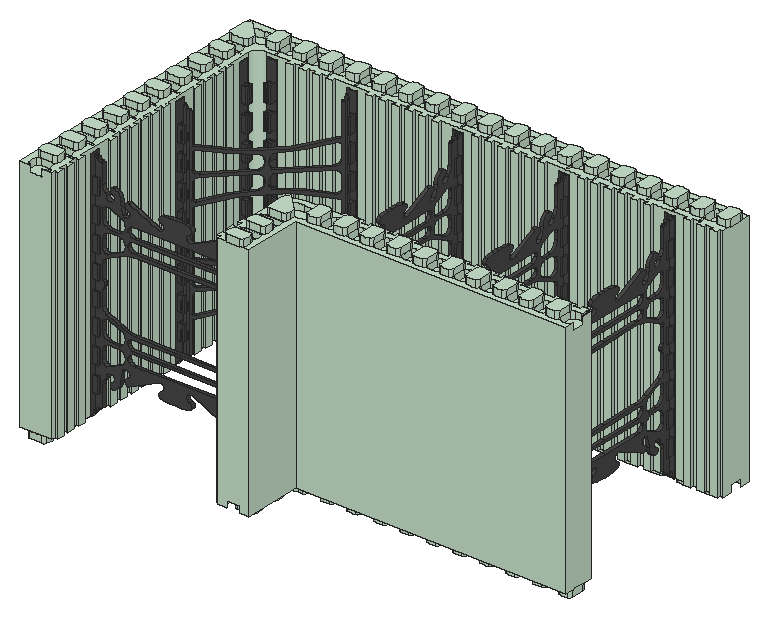
Revit family (continued)
Definition of nested family "12-inch Insert Web"
  Forms (in)
    Extrusion 2, solid, material "High Density Polystyrene"
      sketch origin (0, 0, 0) x (0, 1, 0) y (0, 0, 1)
        loop
          arc (-6.19457, 17.61045) -> (-6.20585, 17.62147) -> (-6.21, 17.63668) r 0.03
          line (-6.21, 17.63668) -> (-6.21, 17.38789)
          arc (-6.21, 17.38789) -> (-6.20374, 17.40241) -> (-6.18889, 17.40785) r 0.02
          line (-6.18889, 17.40785) -> (-6.13111, 17.40464)
          arc (-6.13111, 17.40464) -> (-6.11625, 17.41008) -> (-6.11, 17.42461) r 0.02
          line (-6.11, 17.42461) -> (-6.11, 17.54582)
          arc (-6.11, 17.54582) -> (-6.11414, 17.56103) -> (-6.12543, 17.57204) r 0.03
        loop
          line (6.18889, 0.33798) -> (6.13111, 0.34119)
          arc (6.13111, 0.34119) -> (6.11625, 0.33575) -> (6.11, 0.32122) r 0.02
          line (6.11, 0.32122) -> (6.11, 0.20001)
          arc (6.11, 0.20001) -> (6.11414, 0.1848) -> (6.12543, 0.17379) r 0.03
          line (6.12543, 0.17379) -> (6.19457, 0.13538)
          arc (6.19457, 0.13538) -> (6.20585, 0.12437) -> (6.21, 0.10915) r 0.03
          line (6.21, 0.10915) -> (6.21, 0.35795)
          arc (6.21, 0.35795) -> (6.20374, 0.34342) -> (6.18889, 0.33798) r 0.02
        loop
          arc (-6.12543, 0.17379) -> (-6.11414, 0.1848) -> (-6.11, 0.20001) r 0.03
          line (-6.11, 0.20001) -> (-6.11, 0.32122)
          arc (-6.11, 0.32122) -> (-6.11625, 0.33575) -> (-6.13111, 0.34119) r 0.02
          line (-6.13111, 0.34119) -> (-6.18889, 0.33798)
          arc (-6.18889, 0.33798) -> (-6.20374, 0.34342) -> (-6.21, 0.35795) r 0.02
          line (-6.21, 0.35795) -> (-6.21, 0.10915)
          arc (-6.21, 0.10915) -> (-6.20585, 0.12437) -> (-6.19457, 0.13538) r 0.03
          line (-6.19457, 0.13538) -> (-6.12543, 0.17379)
        loop
          line (6, 17.20772) -> (5.925, 17.43772)
          arc (5.925, 17.43772) -> (5.875, 17.46772) -> (5.825, 17.43772) r 0.05667
          line (5.825, 17.43772) -> (5.77609, 17.28772) -> (5.64893, 17.28772)
          arc (5.64893, 17.28772) -> (5.61433, 17.27339) -> (5.6, 17.2388) r 0.04893
          line (5.6, 17.2388) -> (5.6, 17.20772) -> (5.5, 17.20772) -> (5.5, 15.75595)
          arc (5.5, 15.75595) -> (5.43087, 15.489) -> (5.24086, 15.28915) r 0.55
          arc (5.24086, 15.28915) -> (5.19232, 15.23289) -> (5.1843, 15.15901) r 0.125
          arc (5.1843, 15.15901) -> (4.73923, 14.83241) -> (4.77171, 15.3835) r 0.305
          arc (4.77171, 15.3835) -> (4.89426, 15.66948) -> (4.60829, 15.79202) r 0.22
          arc (4.60829, 15.79202) -> (4.25428, 15.49683) -> (4.14171, 15.04986) r 0.745
          arc (4.14171, 15.04986) -> (4.09808, 14.63491) -> (3.96932, 14.23805) r 2
          arc (3.96932, 14.23805) -> (3.47025, 14.23431) -> (3.63581, 14.70513) r 0.305
          arc (3.63581, 14.70513) -> (3.78874, 15.03658) -> (3.43743, 15.1357) r 0.24
          line (3.43743, 15.1357) -> (1.31021, 14.13634)
          arc (1.31021, 14.13634) -> (0.87667, 14.28198) -> (1.07505, 14.69406) r 0.305
          arc (1.07505, 14.69406) -> (1.24991, 14.91838) -> (1.08783, 15.15211) r 0.24
          arc (1.08783, 15.15211) -> (0.76801, 15.23299) -> (0.43924, 15.2602) r 2
          line (0.43924, 15.2602) -> (0, 15.2602) -> (-0.43924, 15.2602)
          arc (-0.43924, 15.2602) -> (-0.76801, 15.23299) -> (-1.08783, 15.15211) r 2
          arc (-1.08783, 15.15211) -> (-1.24991, 14.91838) -> (-1.07505, 14.69406) r 0.24
          arc (-1.07505, 14.69406) -> (-0.87667, 14.28198) -> (-1.31021, 14.13634) r 0.305
          line (-1.31021, 14.13634) -> (-3.43743, 15.1357)
          arc (-3.43743, 15.1357) -> (-3.78874, 15.03658) -> (-3.63581, 14.70513) r 0.24
          arc (-3.63581, 14.70513) -> (-3.47025, 14.23431) -> (-3.96932, 14.23805) r 0.305
          arc (-3.96932, 14.23805) -> (-4.09808, 14.63491) -> (-4.14171, 15.04986) r 2
          arc (-4.14171, 15.04986) -> (-4.25428, 15.49683) -> (-4.60829, 15.79202) r 0.745
          arc (-4.60829, 15.79202) -> (-4.89426, 15.66948) -> (-4.77171, 15.3835) r 0.22
          arc (-4.77171, 15.3835) -> (-4.73923, 14.83241) -> (-5.1843, 15.15901) r 0.305
          arc (-5.1843, 15.15901) -> (-5.19232, 15.23289) -> (-5.24086, 15.28915) r 0.125
          arc (-5.24086, 15.28915) -> (-5.43087, 15.489) -> (-5.5, 15.75595) r 0.55
          line (-5.5, 15.75595) -> (-5.5, 17.20772) -> (-5.6, 17.20772) -> (-5.6, 17.2388)
          arc (-5.6, 17.2388) -> (-5.61433, 17.27339) -> (-5.64893, 17.28772) r 0.04893
          line (-5.64893, 17.28772) -> (-5.77609, 17.28772) -> (-5.825, 17.43772)
          arc (-5.825, 17.43772) -> (-5.875, 17.46772) -> (-5.925, 17.43772) r 0.05667
          line (-5.925, 17.43772) -> (-6, 17.20772) -> (-6, 0.66519) -> (-5.925, 0.43519)
          arc (-5.925, 0.43519) -> (-5.875, 0.40519) -> (-5.825, 0.43519) r 0.05667
          line (-5.825, 0.43519) -> (-5.77609, 0.58519) -> (-5.64893, 0.58519)
          arc (-5.64893, 0.58519) -> (-5.61433, 0.59952) -> (-5.6, 0.63412) r 0.04893
          line (-5.6, 0.63412) -> (-5.6, 0.66519) -> (-5.5, 0.66519) -> (-5.5, 2.24405)
          arc (-5.5, 2.24405) -> (-5.43087, 2.511) -> (-5.24086, 2.71085) r 0.55
          arc (-5.24086, 2.71085) -> (-5.19232, 2.76711) -> (-5.1843, 2.84099) r 0.125
          arc (-5.1843, 2.84099) -> (-4.73923, 3.16759) -> (-4.77171, 2.6165) r 0.305
          arc (-4.77171, 2.6165) -> (-4.89426, 2.33052) -> (-4.60829, 2.20798) r 0.22
          arc (-4.60829, 2.20798) -> (-4.25428, 2.50317) -> (-4.14171, 2.95014) r 0.745
          arc (-4.14171, 2.95014) -> (-4.09808, 3.36509) -> (-3.96932, 3.76195) r 2
          arc (-3.96932, 3.76195) -> (-3.47025, 3.76569) -> (-3.63581, 3.29487) r 0.305
          arc (-3.63581, 3.29487) -> (-3.78874, 2.96342) -> (-3.43743, 2.8643) r 0.24
          line (-3.43743, 2.8643) -> (-1.31021, 3.86366)
          arc (-1.31021, 3.86366) -> (-0.87667, 3.71802) -> (-1.07505, 3.30594) r 0.305
          arc (-1.07505, 3.30594) -> (-1.24991, 3.08162) -> (-1.08783, 2.84789) r 0.24
          arc (-1.08783, 2.84789) -> (-0.76801, 2.76701) -> (-0.43924, 2.7398) r 2
          line (-0.43924, 2.7398) -> (0, 2.7398) -> (0.43924, 2.7398)
          arc (0.43924, 2.7398) -> (0.76801, 2.76701) -> (1.08783, 2.84789) r 2
          arc (1.08783, 2.84789) -> (1.24991, 3.08162) -> (1.07505, 3.30594) r 0.24
          arc (1.07505, 3.30594) -> (0.87667, 3.71802) -> (1.31021, 3.86366) r 0.305
          line (1.31021, 3.86366) -> (3.43743, 2.8643)
          arc (3.43743, 2.8643) -> (3.78874, 2.96342) -> (3.63581, 3.29487) r 0.24
          arc (3.63581, 3.29487) -> (3.47025, 3.76569) -> (3.96932, 3.76195) r 0.305
          arc (3.96932, 3.76195) -> (4.09808, 3.36509) -> (4.14171, 2.95014) r 2
          arc (4.14171, 2.95014) -> (4.25428, 2.50317) -> (4.60829, 2.20798) r 0.745
          arc (4.60829, 2.20798) -> (4.89426, 2.33052) -> (4.77171, 2.6165) r 0.22
          arc (4.77171, 2.6165) -> (4.73923, 3.16759) -> (5.1843, 2.84099) r 0.305
          arc (5.1843, 2.84099) -> (5.19232, 2.76711) -> (5.24086, 2.71085) r 0.125
          arc (5.24086, 2.71085) -> (5.43087, 2.511) -> (5.5, 2.24405) r 0.55
          line (5.5, 2.24405) -> (5.5, 0.66519) -> (5.6, 0.66519) -> (5.6, 0.63412)
          arc (5.6, 0.63412) -> (5.61433, 0.59952) -> (5.64893, 0.58519) r 0.04893
          line (5.64893, 0.58519) -> (5.77609, 0.58519) -> (5.825, 0.43519)
          arc (5.825, 0.43519) -> (5.875, 0.40519) -> (5.925, 0.43519) r 0.05667
          line (5.925, 0.43519) -> (6, 0.66519) -> (6, 17.20772)
        loop
          arc (3.02319, 4.29202) -> (3.16251, 4.2877) -> (3.3013, 4.27477) r 2.25
          arc (3.3013, 4.27477) -> (3.48148, 4.41353) -> (3.6, 4.60763) r 0.62421
          line (3.6, 4.60763) -> (3.6, 4.73363)
          arc (3.6, 4.73363) -> (3.4551, 4.96314) -> (3.22579, 5.10835) r 0.61747
          line (3.22579, 5.10835) -> (0, 5.10835) -> (-3.22579, 5.10835)
          arc (-3.22579, 5.10835) -> (-3.4551, 4.96314) -> (-3.6, 4.73363) r 0.61747
          line (-3.6, 4.73363) -> (-3.6, 4.60763)
          arc (-3.6, 4.60763) -> (-3.48148, 4.41353) -> (-3.3013, 4.27477) r 0.62421
          arc (-3.3013, 4.27477) -> (-3.16251, 4.2877) -> (-3.02319, 4.29202) r 2.25
          line (-3.02319, 4.29202) -> (0, 4.29202) -> (3.02319, 4.29202)
        loop
          line (4.08806, 4.02826) -> (4.96605, 3.61736)
          arc (4.96605, 3.61736) -> (5.32627, 3.64059) -> (5.5, 3.95701) r 0.375
          line (5.5, 3.95701) -> (5.5, 4.48373)
          arc (5.5, 4.48373) -> (5.31694, 4.92567) -> (4.875, 5.10873) r 0.625
          line (4.875, 5.10873) -> (4.3, 5.10873)
          arc (4.3, 5.10873) -> (3.94645, 4.96229) -> (3.8, 4.60873) r 0.5
          line (3.8, 4.60873) -> (3.8, 4.48112)
          arc (3.8, 4.48112) -> (3.87812, 4.21276) -> (4.08806, 4.02826) r 0.5
        loop
          line (5.5, 5.91373) -> (5.5, 6.44046)
          arc (5.5, 6.44046) -> (5.32627, 6.75687) -> (4.96605, 6.78011) r 0.375
          line (4.96605, 6.78011) -> (4.08806, 6.36921)
          arc (4.08806, 6.36921) -> (3.87812, 6.18471) -> (3.8, 5.91635) r 0.5
          line (3.8, 5.91635) -> (3.8, 5.78873)
          arc (3.8, 5.78873) -> (3.94645, 5.43518) -> (4.3, 5.28873) r 0.5
          line (4.3, 5.28873) -> (4.875, 5.28873)
          arc (4.875, 5.28873) -> (5.31694, 5.47179) -> (5.5, 5.91373) r 0.625
        loop
          arc (3.30123, 6.1222) -> (3.16288, 6.10935) -> (3.02401, 6.10506) r 2.25
          line (3.02401, 6.10506) -> (0, 6.10506) -> (-3.02401, 6.10506)
          arc (-3.02401, 6.10506) -> (-3.16288, 6.10935) -> (-3.30123, 6.1222) r 2.25
          arc (-3.30123, 6.1222) -> (-3.48146, 5.98344) -> (-3.6, 5.7893) r 0.62421
          line (-3.6, 5.7893) -> (-3.6, 5.66335)
          arc (-3.6, 5.66335) -> (-3.45481, 5.43354) -> (-3.225, 5.28835) r 0.61747
          line (-3.225, 5.28835) -> (0, 5.28835) -> (3.225, 5.28835)
          arc (3.225, 5.28835) -> (3.45481, 5.43354) -> (3.6, 5.66335) r 0.61747
          line (3.6, 5.66335) -> (3.6, 5.7893)
          arc (3.6, 5.7893) -> (3.48146, 5.98344) -> (3.30123, 6.1222) r 0.62421
        loop
          arc (-4.08806, 4.02826) -> (-3.87812, 4.21276) -> (-3.8, 4.48112) r 0.5
          line (-3.8, 4.48112) -> (-3.8, 4.60873)
          arc (-3.8, 4.60873) -> (-3.94645, 4.96229) -> (-4.3, 5.10873) r 0.5
          line (-4.3, 5.10873) -> (-4.875, 5.10873)
          arc (-4.875, 5.10873) -> (-5.31694, 4.92567) -> (-5.5, 4.48373) r 0.625
          line (-5.5, 4.48373) -> (-5.5, 3.95701)
          arc (-5.5, 3.95701) -> (-5.32627, 3.64059) -> (-4.96605, 3.61736) r 0.375
          line (-4.96605, 3.61736) -> (-4.08806, 4.02826)
        loop
          arc (-5.5, 5.91373) -> (-5.31694, 5.47179) -> (-4.875, 5.28873) r 0.625
          line (-4.875, 5.28873) -> (-4.3, 5.28873)
          arc (-4.3, 5.28873) -> (-3.94645, 5.43518) -> (-3.8, 5.78873) r 0.5
          line (-3.8, 5.78873) -> (-3.8, 5.91635)
          arc (-3.8, 5.91635) -> (-3.87812, 6.18471) -> (-4.08806, 6.36921) r 0.5
          line (-4.08806, 6.36921) -> (-4.96605, 6.78011)
          arc (-4.96605, 6.78011) -> (-5.32627, 6.75687) -> (-5.5, 6.44046) r 0.375
          line (-5.5, 6.44046) -> (-5.5, 5.91373)
        loop
          line (5.5, 7.54678) -> (5.5, 8.68765) -> (5.38, 8.88765) -> (5.38, 9) -> (5.38, 9.11235) -> (5.5, 9.31235) -> (5.5, 10.45322)
          arc (5.5, 10.45322) -> (5.42188, 10.72158) -> (5.21194, 10.90608) r 0.5
          line (5.21194, 10.90608) -> (3.95372, 11.49492)
          arc (3.95372, 11.49492) -> (3.48851, 11.65338) -> (3, 11.70705) r 2.25
          line (3, 11.70705) -> (0, 11.70705) -> (-3, 11.70705)
          arc (-3, 11.70705) -> (-3.48851, 11.65338) -> (-3.95372, 11.49492) r 2.25
          line (-3.95372, 11.49492) -> (-5.21194, 10.90608)
          arc (-5.21194, 10.90608) -> (-5.42188, 10.72158) -> (-5.5, 10.45322) r 0.5
          line (-5.5, 10.45322) -> (-5.5, 9.31235) -> (-5.38, 9.11235) -> (-5.38, 9) -> (-5.38, 8.88765) -> (-5.5, 8.68765) -> (-5.5, 7.54678)
          arc (-5.5, 7.54678) -> (-5.42188, 7.27842) -> (-5.21194, 7.09392) r 0.5
          line (-5.21194, 7.09392) -> (-3.95372, 6.50508)
          arc (-3.95372, 6.50508) -> (-3.48851, 6.34662) -> (-3, 6.29295) r 2.25
          line (-3, 6.29295) -> (0, 6.29295) -> (3, 6.29295)
          arc (3, 6.29295) -> (3.48851, 6.34662) -> (3.95372, 6.50508) r 2.25
          line (3.95372, 6.50508) -> (5.21194, 7.09392)
          arc (5.21194, 7.09392) -> (5.42188, 7.27842) -> (5.5, 7.54678) r 0.5
        loop
          line (3.02319, 13.70798) -> (0, 13.70798) -> (-3.02319, 13.70798)
          arc (-3.02319, 13.70798) -> (-3.16251, 13.7123) -> (-3.3013, 13.72523) r 2.25
          arc (-3.3013, 13.72523) -> (-3.48148, 13.58647) -> (-3.6, 13.39237) r 0.62421
          line (-3.6, 13.39237) -> (-3.6, 13.26637)
          arc (-3.6, 13.26637) -> (-3.4551, 13.03686) -> (-3.22579, 12.89165) r 0.61747
          line (-3.22579, 12.89165) -> (0, 12.89165) -> (3.22579, 12.89165)
          arc (3.22579, 12.89165) -> (3.4551, 13.03686) -> (3.6, 13.26637) r 0.61747
          line (3.6, 13.26637) -> (3.6, 13.39237)
          arc (3.6, 13.39237) -> (3.48148, 13.58647) -> (3.3013, 13.72523) r 0.62421
          arc (3.3013, 13.72523) -> (3.16251, 13.7123) -> (3.02319, 13.70798) r 2.25
        loop
          arc (4.08806, 13.97174) -> (3.87812, 13.78724) -> (3.8, 13.51888) r 0.5
          line (3.8, 13.51888) -> (3.8, 13.39127)
          arc (3.8, 13.39127) -> (3.94645, 13.03771) -> (4.3, 12.89127) r 0.5
          line (4.3, 12.89127) -> (4.875, 12.89127)
          arc (4.875, 12.89127) -> (5.31694, 13.07433) -> (5.5, 13.51627) r 0.625
          line (5.5, 13.51627) -> (5.5, 14.04299)
          arc (5.5, 14.04299) -> (5.32627, 14.35941) -> (4.96605, 14.38264) r 0.375
          line (4.96605, 14.38264) -> (4.08806, 13.97174)
        loop
          arc (5.5, 12.08627) -> (5.31694, 12.52821) -> (4.875, 12.71127) r 0.625
          line (4.875, 12.71127) -> (4.3, 12.71127)
          arc (4.3, 12.71127) -> (3.94645, 12.56482) -> (3.8, 12.21127) r 0.5
          line (3.8, 12.21127) -> (3.8, 12.08365)
          arc (3.8, 12.08365) -> (3.87812, 11.81529) -> (4.08806, 11.63079) r 0.5
          line (4.08806, 11.63079) -> (4.96605, 11.21989)
          arc (4.96605, 11.21989) -> (5.32627, 11.24313) -> (5.5, 11.55954) r 0.375
          line (5.5, 11.55954) -> (5.5, 12.08627)
        loop
          arc (3.30123, 11.8778) -> (3.48146, 12.01656) -> (3.6, 12.2107) r 0.62421
          line (3.6, 12.2107) -> (3.6, 12.33665)
          arc (3.6, 12.33665) -> (3.45481, 12.56646) -> (3.225, 12.71165) r 0.61747
          line (3.225, 12.71165) -> (0, 12.71165) -> (-3.225, 12.71165)
          arc (-3.225, 12.71165) -> (-3.45481, 12.56646) -> (-3.6, 12.33665) r 0.61747
          line (-3.6, 12.33665) -> (-3.6, 12.2107)
          arc (-3.6, 12.2107) -> (-3.48146, 12.01656) -> (-3.30123, 11.8778) r 0.62421
          arc (-3.30123, 11.8778) -> (-3.16288, 11.89065) -> (-3.02401, 11.89494) r 2.25
          line (-3.02401, 11.89494) -> (0, 11.89494) -> (3.02401, 11.89494)
          arc (3.02401, 11.89494) -> (3.16288, 11.89065) -> (3.30123, 11.8778) r 2.25
        loop
          line (-4.08806, 13.97174) -> (-4.96605, 14.38264)
          arc (-4.96605, 14.38264) -> (-5.32627, 14.35941) -> (-5.5, 14.04299) r 0.375
          line (-5.5, 14.04299) -> (-5.5, 13.51627)
          arc (-5.5, 13.51627) -> (-5.31694, 13.07433) -> (-4.875, 12.89127) r 0.625
          line (-4.875, 12.89127) -> (-4.3, 12.89127)
          arc (-4.3, 12.89127) -> (-3.94645, 13.03771) -> (-3.8, 13.39127) r 0.5
          line (-3.8, 13.39127) -> (-3.8, 13.51888)
          arc (-3.8, 13.51888) -> (-3.87812, 13.78724) -> (-4.08806, 13.97174) r 0.5
        loop
          line (-5.5, 12.08627) -> (-5.5, 11.55954)
          arc (-5.5, 11.55954) -> (-5.32627, 11.24313) -> (-4.96605, 11.21989) r 0.375
          line (-4.96605, 11.21989) -> (-4.08806, 11.63079)
          arc (-4.08806, 11.63079) -> (-3.87812, 11.81529) -> (-3.8, 12.08365) r 0.5
          line (-3.8, 12.08365) -> (-3.8, 12.21127)
          arc (-3.8, 12.21127) -> (-3.94645, 12.56482) -> (-4.3, 12.71127) r 0.5
          line (-4.3, 12.71127) -> (-4.875, 12.71127)
          arc (-4.875, 12.71127) -> (-5.31694, 12.52821) -> (-5.5, 12.08627) r 0.625
      from 0.125 to -0.125
    Extrusion 3, solid, material "High Density Polystyrene"
      sketch origin (0, 0, 0) x (0, 1, 0) y (0, 0, 1)
        loop
          line (6.21, 16.17792) -> (5.71, 16.17792) -> (5.71, 14.97792) -> (6.21, 14.97792) -> (6.21, 16.17792)
        loop
          line (6.21, 14.22792) -> (5.71, 14.22792) -> (5.71, 13.02792) -> (6.21, 13.02792) -> (6.21, 14.22792)
        loop
          line (6.21, 12.27792) -> (5.71, 12.27792) -> (5.71, 11.07792) -> (6.21, 11.07792) -> (6.21, 12.27792)
        loop
          line (6.21, 10.32792) -> (5.71, 10.32792) -> (5.71, 9.24792) -> (6.21, 9.24792) -> (6.21, 10.32792)
        loop
          line (6.21, 8.49792) -> (5.71, 8.49792) -> (5.71, 7.41792) -> (6.21, 7.41792) -> (6.21, 8.49792)
        loop
          line (6.21, 6.66792) -> (5.71, 6.66792) -> (5.71, 5.46792) -> (6.21, 5.46792) -> (6.21, 6.66792)
        loop
          line (6.21, 4.71792) -> (5.71, 4.71792) -> (5.71, 3.51792) -> (6.21, 3.51792) -> (6.21, 4.71792)
        loop
          line (6.21, 2.76792) -> (5.71, 2.76792) -> (5.71, 1.56792) -> (6.21, 1.56792) -> (6.21, 2.76792)
        loop
          line (-6.21, 16.17792) -> (-6.21, 14.97792) -> (-5.71, 14.97792) -> (-5.71, 16.17792) -> (-6.21, 16.17792)
        loop
          line (-6.21, 14.22792) -> (-6.21, 13.02792) -> (-5.71, 13.02792) -> (-5.71, 14.22792) -> (-6.21, 14.22792)
        loop
          line (-6.21, 12.27792) -> (-6.21, 11.07792) -> (-5.71, 11.07792) -> (-5.71, 12.27792) -> (-6.21, 12.27792)
        loop
          line (-6.21, 10.32792) -> (-6.21, 9.24792) -> (-5.71, 9.24792) -> (-5.71, 10.32792) -> (-6.21, 10.32792)
        loop
          line (-6.21, 8.49792) -> (-6.21, 7.41792) -> (-5.71, 7.41792) -> (-5.71, 8.49792) -> (-6.21, 8.49792)
        loop
          line (-6.21, 6.66792) -> (-6.21, 5.46792) -> (-5.71, 5.46792) -> (-5.71, 6.66792) -> (-6.21, 6.66792)
        loop
          line (-6.21, 4.71792) -> (-6.21, 3.51792) -> (-5.71, 3.51792) -> (-5.71, 4.71792) -> (-6.21, 4.71792)
        loop
          line (-6.21, 2.76792) -> (-6.21, 1.56792) -> (-5.71, 1.56792) -> (-5.71, 2.76792) -> (-6.21, 2.76792)
      from 0.25 to -0.25
    Extrusion 4, void
      sketch origin (0, 3, 0) x (1, 0, 0) y (0, 1, 0)
        loop
          line (-0.25, 2.79249) -> (-0.25, 2.71) -> (-0.1675, 2.71)
          arc (-0.1675, 2.71) -> (-0.22584, 2.73416) -> (-0.25, 2.79249) r 0.0825
      from 0 to 18
    Extrusion 5, void
      sketch origin (0, 3, 0) x (-1, 0, 0) y (0, -1, 0)
        loop
          arc (-0.25, -2.79249) -> (-0.22584, -2.73416) -> (-0.1675, -2.71) r 0.0825
          line (-0.1675, -2.71) -> (-0.25, -2.71) -> (-0.25, -2.79249)
      from 0 to 18
    Extrusion 6, void
      sketch origin (0, -3, 0) x (1, 0, 0) y (0, 1, 0)
        loop
          arc (-0.25, -2.79249) -> (-0.22584, -2.73416) -> (-0.1675, -2.71) r 0.0825
          line (-0.1675, -2.71) -> (-0.25, -2.71) -> (-0.25, -2.79249)
      from 0 to 18
    Extrusion 7, void
      sketch origin (0, -3, 0) x (-1, 0, 0) y (0, -1, 0)
        loop
          line (-0.25, 2.79249) -> (-0.25, 2.71) -> (-0.1675, 2.71)
          arc (-0.1675, 2.71) -> (-0.22584, 2.73416) -> (-0.25, 2.79249) r 0.0825
      from 0 to 18
  Cuts and joins
    Extrusion 4, Extrusion 5, Extrusion 6, Extrusion 7 cuts Extrusion 1
    Extrusion 4, Extrusion 5, Extrusion 6, Extrusion 7 cuts Extrusion 3
Definition of nested family "NUDURA 12-inch Corner Insert Web"
  Reference planes (in)
    plane 1 "Center (Front/Back)": y = 0
    plane 2: z = 0
    plane 3 "Center (Left/Right)": x = 0
  Forms (in)
    Extrusion 1, solid, material "Polypropylene"
      sketch origin (0, 1.8125, 0.26) x (0, 1, 0) y (0, 0, 1)
        loop
          line (2.78125, 0) -> (2.78125, 16.54253) -> (2.65625, 16.54253) -> (2.65625, 14.16753)
          arc (2.65625, 14.16753) -> (-1.8125, 13.54253) -> (-6.28125, 14.16753) r 16.28828
          line (-6.28125, 14.16753) -> (-6.28125, 16.54253) -> (-6.40625, 16.54253) -> (-6.40625, 0) -> (-6.28125, 0) -> (-6.28125, 2.375)
          arc (-6.28125, 2.375) -> (-1.8125, 3) -> (2.65625, 2.375) r 16.28828
          line (2.65625, 2.375) -> (2.65625, 0) -> (2.78125, 0)
        loop
          arc (2.15625, 12.19878) -> (2.5098, 12.34523) -> (2.65625, 12.69878) r 0.5
          line (2.65625, 12.69878) -> (2.65625, 13.60177)
          arc (2.65625, 13.60177) -> (2.57085, 13.80795) -> (2.36467, 13.89336) r 0.29158
          arc (2.36467, 13.89336) -> (0.50349, 13.51862) -> (-1.38844, 13.36049) r 16.47578
          arc (-1.38844, 13.36049) -> (-1.75135, 12.77536) -> (-1.375, 12.19878) r 0.64125
          line (-1.375, 12.19878) -> (2.15625, 12.19878)
        loop
          arc (-6.28125, 10.60829) -> (-6.19585, 10.40211) -> (-5.98967, 10.31671) r 0.29158
          arc (-5.98967, 10.31671) -> (-4.12849, 10.69144) -> (-2.23656, 10.84958) r 16.47578
          arc (-2.23656, 10.84958) -> (-1.87365, 11.43471) -> (-2.25, 12.01128) r 0.64125
          line (-2.25, 12.01128) -> (-5.78125, 12.01128)
          arc (-5.78125, 12.01128) -> (-6.1348, 11.86484) -> (-6.28125, 11.51128) r 0.5
          line (-6.28125, 11.51128) -> (-6.28125, 10.60829)
        loop
          arc (-6.28125, 6.5) -> (-1.8125, 5.875) -> (2.65625, 6.5) r 16.28828
          line (2.65625, 6.5) -> (2.65625, 10.04253)
          arc (2.65625, 10.04253) -> (-1.8125, 10.66753) -> (-6.28125, 10.04253) r 16.28828
          line (-6.28125, 10.04253) -> (-6.28125, 6.5)
        loop
          line (2.15625, 12.01128) -> (-1.375, 12.01128)
          arc (-1.375, 12.01128) -> (-1.75135, 11.43471) -> (-1.38844, 10.84958) r 0.64125
          arc (-1.38844, 10.84958) -> (0.50349, 10.69144) -> (2.36467, 10.31671) r 16.47578
          arc (2.36467, 10.31671) -> (2.57085, 10.40211) -> (2.65625, 10.60829) r 0.29158
          line (2.65625, 10.60829) -> (2.65625, 11.51128)
          arc (2.65625, 11.51128) -> (2.5098, 11.86484) -> (2.15625, 12.01128) r 0.5
        loop
          line (-5.78125, 12.19878) -> (-2.25, 12.19878)
          arc (-2.25, 12.19878) -> (-1.87365, 12.77536) -> (-2.23656, 13.36049) r 0.64125
          arc (-2.23656, 13.36049) -> (-4.12849, 13.51862) -> (-5.98967, 13.89336) r 16.47578
          arc (-5.98967, 13.89336) -> (-6.19585, 13.80795) -> (-6.28125, 13.60177) r 0.29158
          line (-6.28125, 13.60177) -> (-6.28125, 12.69878)
          arc (-6.28125, 12.69878) -> (-6.1348, 12.34523) -> (-5.78125, 12.19878) r 0.5
        loop
          line (2.15625, 4.34375) -> (-1.375, 4.34375)
          arc (-1.375, 4.34375) -> (-1.75135, 3.76717) -> (-1.38844, 3.18204) r 0.64125
          arc (-1.38844, 3.18204) -> (0.50349, 3.02391) -> (2.36467, 2.64918) r 16.47578
          arc (2.36467, 2.64918) -> (2.57085, 2.73458) -> (2.65625, 2.94076) r 0.29158
          line (2.65625, 2.94076) -> (2.65625, 3.84375)
          arc (2.65625, 3.84375) -> (2.5098, 4.1973) -> (2.15625, 4.34375) r 0.5
        loop
          line (-6.28125, 5.93424) -> (-6.28125, 5.03125)
          arc (-6.28125, 5.03125) -> (-6.1348, 4.6777) -> (-5.78125, 4.53125) r 0.5
          line (-5.78125, 4.53125) -> (-2.25, 4.53125)
          arc (-2.25, 4.53125) -> (-1.87365, 5.10783) -> (-2.23656, 5.69296) r 0.64125
          arc (-2.23656, 5.69296) -> (-4.12849, 5.85109) -> (-5.98967, 6.22582) r 16.47578
          arc (-5.98967, 6.22582) -> (-6.19585, 6.14042) -> (-6.28125, 5.93424) r 0.29158
        loop
          arc (2.15625, 4.53125) -> (2.5098, 4.6777) -> (2.65625, 5.03125) r 0.5
          line (2.65625, 5.03125) -> (2.65625, 5.93424)
          arc (2.65625, 5.93424) -> (2.57085, 6.14042) -> (2.36467, 6.22582) r 0.29158
          arc (2.36467, 6.22582) -> (0.50349, 5.85109) -> (-1.38844, 5.69296) r 16.47578
          arc (-1.38844, 5.69296) -> (-1.75135, 5.10783) -> (-1.375, 4.53125) r 0.64125
          line (-1.375, 4.53125) -> (2.15625, 4.53125)
        loop
          arc (-5.78125, 4.34375) -> (-6.1348, 4.1973) -> (-6.28125, 3.84375) r 0.5
          line (-6.28125, 3.84375) -> (-6.28125, 2.94076)
          arc (-6.28125, 2.94076) -> (-6.19585, 2.73458) -> (-5.98967, 2.64918) r 0.29158
          arc (-5.98967, 2.64918) -> (-4.12849, 3.02391) -> (-2.23656, 3.18204) r 16.47578
          arc (-2.23656, 3.18204) -> (-1.87365, 3.76717) -> (-2.25, 4.34375) r 0.64125
          line (-2.25, 4.34375) -> (-5.78125, 4.34375)
      from -0.125 to 0.125
    Extrusion 2, solid, material "Polypropylene"
      sketch origin (0, -1.82664, 23.70793) x (0, 1, 0) y (0, 0, 1)
        loop
          line (-3.07961, -23.44793) -> (-3.00461, -23.67793)
          arc (-3.00461, -23.67793) -> (-2.95461, -23.70793) -> (-2.90461, -23.67793) r 0.05667
          line (-2.90461, -23.67793) -> (-2.82961, -23.44793) -> (-2.82961, -6.9054) -> (-2.90461, -6.6754)
          arc (-2.90461, -6.6754) -> (-2.95461, -6.6454) -> (-3.00461, -6.6754) r 0.05667
          line (-3.00461, -6.6754) -> (-3.07961, -6.9054) -> (-3.07961, -23.44793)
      from 0.14171 to 0.39171
    Extrusion 3, solid, material "Polypropylene"
      sketch origin (0, 7.73586, 23.70793) x (0, 1, 0) y (0, 0, 1)
        loop
          line (-3.07961, -23.44793) -> (-3.00461, -23.67793)
          arc (-3.00461, -23.67793) -> (-2.95461, -23.70793) -> (-2.90461, -23.67793) r 0.05667
          line (-2.90461, -23.67793) -> (-2.82961, -23.44793) -> (-2.82961, -6.9054) -> (-2.90461, -6.6754)
          arc (-2.90461, -6.6754) -> (-2.95461, -6.6454) -> (-3.00461, -6.6754) r 0.05667
          line (-3.00461, -6.6754) -> (-3.07961, -6.9054) -> (-3.07961, -23.44793)
      from 0.14171 to 0.39171
    Extrusion 4, solid, material "Polypropylene"
      sketch origin (0, -0.96875, 0) x (1, 0, 0) y (0, 1, 0)
        loop
          line (0.125, -3.50401) -> (0.125, -3.625) -> (0.09265, -3.625) -> (0.14171, -3.80849) -> (0.14171, -3.6875) -> (0.17406, -3.6875) -> (0.125, -3.50401)
      from 0.26 to 16.80253
    Extrusion 5, solid, material "Polypropylene"
      sketch origin (0, 0.96875, 0) x (1, 0, 0) y (0, 1, 0)
        loop
          line (0.125, 3.50401) -> (0.17406, 3.6875) -> (0.14171, 3.6875) -> (0.14171, 3.80849) -> (0.09265, 3.625) -> (0.125, 3.625) -> (0.125, 3.50401)
      from 0.26 to 16.80253
Definition of nested family "NUDURA Diamond Pattern"
  Reference planes (in)
    plane 1 "Center (Front/Back)": y = 0
    plane 2: z = 0
    plane 3 "Center (Left/Right)": x = 0
    plane 4: z = 18
  Lines and regions (in)
    model lines
      curve 1: line (8, -5.625, 18) -> (8, -5.625, 0)
      curve 2: line (6, -5.625, 18) -> (6, -5.625, 0)
      curve 3: line (2, -5.625, 18) -> (2, -5.625, 0)
      curve 4: line (3.35367, -5.625, 16.98484) -> (3.69709, -5.625, 16.64142)
      curve 5: arc (3.35367, -5.625, 17.51517) -> (3.24384, -5.625, 17.25) -> (3.35367, -5.625, 16.98484) r 0.375
      curve 6: line (3.72867, -5.625, 17.89017) -> (3.35367, -5.625, 17.51517)
      curve 7: arc (4.259, -5.625, 17.89017) -> (3.99384, -5.625, 18) -> (3.72867, -5.625, 17.89017) r 0.375
      curve 8: line (4.634, -5.625, 17.51517) -> (4.259, -5.625, 17.89017)
      curve 9: arc (4.634, -5.625, 16.98484) -> (4.74384, -5.625, 17.25) -> (4.634, -5.625, 17.51517) r 0.375
      curve 10: line (4.29059, -5.625, 16.64142) -> (4.634, -5.625, 16.98484)
      curve 11: arc (4.17062, -5.625, 17.80178) -> (3.99384, -5.625, 17.875) -> (3.81706, -5.625, 17.80178) r 0.25
      curve 12: line (4.54562, -5.625, 17.42678) -> (4.17062, -5.625, 17.80178)
      curve 13: arc (4.54562, -5.625, 17.07322) -> (4.61884, -5.625, 17.25) -> (4.54562, -5.625, 17.42678) r 0.25
      curve 14: line (4.17062, -5.625, 16.69822) -> (4.54562, -5.625, 17.07322)
      curve 15: arc (3.81706, -5.625, 16.69822) -> (3.99384, -5.625, 16.625) -> (4.17062, -5.625, 16.69822) r 0.25
      curve 16: line (3.44206, -5.625, 17.07322) -> (3.81706, -5.625, 16.69822)
      curve 17: arc (3.44206, -5.625, 17.42678) -> (3.36884, -5.625, 17.25) -> (3.44206, -5.625, 17.07322) r 0.25
      curve 18: line (3.81706, -5.625, 17.80178) -> (3.44206, -5.625, 17.42678)
      curve 19: arc (3.69709, -5.625, 16.35858) -> (3.75567, -5.625, 16.5) -> (3.69709, -5.625, 16.64142) r 0.2
      curve 20: line (4.634, -5.625, 16.01517) -> (4.29059, -5.625, 16.35858)
      curve 21: arc (4.634, -5.625, 15.48484) -> (4.74384, -5.625, 15.75) -> (4.634, -5.625, 16.01517) r 0.375
      curve 22: line (4.29059, -5.625, 15.14142) -> (4.634, -5.625, 15.48484)
      curve 23: line (3.35367, -5.625, 15.48484) -> (3.69709, -5.625, 15.14142)
      curve 24: arc (3.35367, -5.625, 16.01517) -> (3.24384, -5.625, 15.75) -> (3.35367, -5.625, 15.48484) r 0.375
      curve 25: line (3.69709, -5.625, 16.35858) -> (3.35367, -5.625, 16.01517)
      curve 26: arc (4.17062, -5.625, 16.30178) -> (3.99384, -5.625, 16.375) -> (3.81706, -5.625, 16.30178) r 0.25
      curve 27: line (3.81706, -5.625, 16.30178) -> (3.44206, -5.625, 15.92678)
      curve 28: arc (3.44206, -5.625, 15.92678) -> (3.36884, -5.625, 15.75) -> (3.44206, -5.625, 15.57322) r 0.25
      curve 29: line (3.44206, -5.625, 15.57322) -> (3.81706, -5.625, 15.19822)
      curve 30: arc (3.81706, -5.625, 15.19822) -> (3.99384, -5.625, 15.125) -> (4.17062, -5.625, 15.19822) r 0.25
      curve 31: line (4.17062, -5.625, 15.19822) -> (4.54562, -5.625, 15.57322)
      curve 32: arc (4.54562, -5.625, 15.57322) -> (4.61884, -5.625, 15.75) -> (4.54562, -5.625, 15.92678) r 0.25
      curve 33: line (4.54562, -5.625, 15.92678) -> (4.17062, -5.625, 16.30178)
      curve 34: arc (3.69709, -5.625, 14.85858) -> (3.75567, -5.625, 15) -> (3.69709, -5.625, 15.14142) r 0.2
      curve 35: line (4.634, -5.625, 14.51517) -> (4.29059, -5.625, 14.85858)
      curve 36: arc (4.634, -5.625, 13.98484) -> (4.74384, -5.625, 14.25) -> (4.634, -5.625, 14.51517) r 0.375
      curve 37: line (4.29059, -5.625, 13.64142) -> (4.634, -5.625, 13.98484)
      curve 38: line (3.35367, -5.625, 13.98484) -> (3.69709, -5.625, 13.64142)
      curve 39: arc (3.35367, -5.625, 14.51517) -> (3.24384, -5.625, 14.25) -> (3.35367, -5.625, 13.98484) r 0.375
      curve 40: line (3.69709, -5.625, 14.85858) -> (3.35367, -5.625, 14.51517)
      curve 41: arc (4.17062, -5.625, 14.80178) -> (3.99384, -5.625, 14.875) -> (3.81706, -5.625, 14.80178) r 0.25
      curve 42: line (3.81706, -5.625, 14.80178) -> (3.44206, -5.625, 14.42678)
      curve 43: arc (3.44206, -5.625, 14.42678) -> (3.36884, -5.625, 14.25) -> (3.44206, -5.625, 14.07322) r 0.25
      curve 44: line (3.44206, -5.625, 14.07322) -> (3.81706, -5.625, 13.69822)
      curve 45: arc (3.81706, -5.625, 13.69822) -> (3.99384, -5.625, 13.625) -> (4.17062, -5.625, 13.69822) r 0.25
      curve 46: line (4.17062, -5.625, 13.69822) -> (4.54562, -5.625, 14.07322)
      curve 47: arc (4.54562, -5.625, 14.07322) -> (4.61884, -5.625, 14.25) -> (4.54562, -5.625, 14.42678) r 0.25
      curve 48: line (4.54562, -5.625, 14.42678) -> (4.17062, -5.625, 14.80178)
      curve 49: arc (3.69709, -5.625, 13.35858) -> (3.75567, -5.625, 13.5) -> (3.69709, -5.625, 13.64142) r 0.2
      curve 50: line (4.634, -5.625, 13.01517) -> (4.29059, -5.625, 13.35858)
      curve 51: arc (4.634, -5.625, 12.48484) -> (4.74384, -5.625, 12.75) -> (4.634, -5.625, 13.01517) r 0.375
      curve 52: line (4.29059, -5.625, 12.14142) -> (4.634, -5.625, 12.48484)
      curve 53: line (3.35367, -5.625, 12.48484) -> (3.69709, -5.625, 12.14142)
      curve 54: arc (3.35367, -5.625, 13.01517) -> (3.24384, -5.625, 12.75) -> (3.35367, -5.625, 12.48484) r 0.375
      curve 55: line (3.69709, -5.625, 13.35858) -> (3.35367, -5.625, 13.01517)
      curve 56: arc (4.17062, -5.625, 13.30178) -> (3.99384, -5.625, 13.375) -> (3.81706, -5.625, 13.30178) r 0.25
      curve 57: line (3.81706, -5.625, 13.30178) -> (3.44206, -5.625, 12.92678)
      curve 58: arc (3.44206, -5.625, 12.92678) -> (3.36884, -5.625, 12.75) -> (3.44206, -5.625, 12.57322) r 0.25
      curve 59: line (3.44206, -5.625, 12.57322) -> (3.81706, -5.625, 12.19822)
      curve 60: arc (3.81706, -5.625, 12.19822) -> (3.99384, -5.625, 12.125) -> (4.17062, -5.625, 12.19822) r 0.25
      curve 61: line (4.17062, -5.625, 12.19822) -> (4.54562, -5.625, 12.57322)
      curve 62: arc (4.54562, -5.625, 12.57322) -> (4.61884, -5.625, 12.75) -> (4.54562, -5.625, 12.92678) r 0.25
      curve 63: line (4.54562, -5.625, 12.92678) -> (4.17062, -5.625, 13.30178)
      curve 64: arc (3.69709, -5.625, 11.85858) -> (3.75567, -5.625, 12) -> (3.69709, -5.625, 12.14142) r 0.2
      curve 65: line (4.634, -5.625, 11.51517) -> (4.29059, -5.625, 11.85858)
      curve 66: arc (4.634, -5.625, 10.98484) -> (4.74384, -5.625, 11.25) -> (4.634, -5.625, 11.51517) r 0.375
      curve 67: line (4.29059, -5.625, 10.64142) -> (4.634, -5.625, 10.98484)
      curve 68: line (3.35367, -5.625, 10.98484) -> (3.69709, -5.625, 10.64142)
      curve 69: arc (3.35367, -5.625, 11.51517) -> (3.24384, -5.625, 11.25) -> (3.35367, -5.625, 10.98484) r 0.375
      curve 70: line (3.69709, -5.625, 11.85858) -> (3.35367, -5.625, 11.51517)
      curve 71: arc (4.17062, -5.625, 11.80178) -> (3.99384, -5.625, 11.875) -> (3.81706, -5.625, 11.80178) r 0.25
      curve 72: line (3.81706, -5.625, 11.80178) -> (3.44206, -5.625, 11.42678)
      curve 73: arc (3.44206, -5.625, 11.42678) -> (3.36884, -5.625, 11.25) -> (3.44206, -5.625, 11.07322) r 0.25
      curve 74: line (3.44206, -5.625, 11.07322) -> (3.81706, -5.625, 10.69822)
      curve 75: arc (3.81706, -5.625, 10.69822) -> (3.99384, -5.625, 10.625) -> (4.17062, -5.625, 10.69822) r 0.25
      curve 76: line (4.17062, -5.625, 10.69822) -> (4.54562, -5.625, 11.07322)
      curve 77: arc (4.54562, -5.625, 11.07322) -> (4.61884, -5.625, 11.25) -> (4.54562, -5.625, 11.42678) r 0.25
      curve 78: line (4.54562, -5.625, 11.42678) -> (4.17062, -5.625, 11.80178)
      curve 79: arc (3.69709, -5.625, 10.35858) -> (3.75567, -5.625, 10.5) -> (3.69709, -5.625, 10.64142) r 0.2
      curve 80: line (4.634, -5.625, 10.01517) -> (4.29059, -5.625, 10.35858)
      curve 81: arc (4.634, -5.625, 9.48484) -> (4.74384, -5.625, 9.75) -> (4.634, -5.625, 10.01517) r 0.375
      curve 82: line (4.29059, -5.625, 9.14142) -> (4.634, -5.625, 9.48484)
      curve 83: line (3.35367, -5.625, 9.48484) -> (3.69709, -5.625, 9.14142)
      curve 84: arc (3.35367, -5.625, 10.01517) -> (3.24384, -5.625, 9.75) -> (3.35367, -5.625, 9.48484) r 0.375
      curve 85: line (3.69709, -5.625, 10.35858) -> (3.35367, -5.625, 10.01517)
      curve 86: arc (4.17062, -5.625, 10.30178) -> (3.99384, -5.625, 10.375) -> (3.81706, -5.625, 10.30178) r 0.25
      curve 87: line (3.81706, -5.625, 10.30178) -> (3.44206, -5.625, 9.92678)
      curve 88: arc (3.44206, -5.625, 9.92678) -> (3.36884, -5.625, 9.75) -> (3.44206, -5.625, 9.57322) r 0.25
      curve 89: line (3.44206, -5.625, 9.57322) -> (3.81706, -5.625, 9.19822)
      curve 90: arc (3.81706, -5.625, 9.19822) -> (3.99384, -5.625, 9.125) -> (4.17062, -5.625, 9.19822) r 0.25
      curve 91: line (4.17062, -5.625, 9.19822) -> (4.54562, -5.625, 9.57322)
      curve 92: arc (4.54562, -5.625, 9.57322) -> (4.61884, -5.625, 9.75) -> (4.54562, -5.625, 9.92678) r 0.25
      curve 93: line (4.54562, -5.625, 9.92678) -> (4.17062, -5.625, 10.30178)
      curve 94: arc (3.69709, -5.625, 8.85858) -> (3.75567, -5.625, 9) -> (3.69709, -5.625, 9.14142) r 0.2
      curve 95: line (4.634, -5.625, 8.51517) -> (4.29059, -5.625, 8.85858)
      curve 96: arc (4.634, -5.625, 7.98484) -> (4.74384, -5.625, 8.25) -> (4.634, -5.625, 8.51517) r 0.375
      curve 97: line (4.29059, -5.625, 7.64142) -> (4.634, -5.625, 7.98484)
      curve 98: line (3.35367, -5.625, 7.98484) -> (3.69709, -5.625, 7.64142)
      curve 99: arc (3.35367, -5.625, 8.51517) -> (3.24384, -5.625, 8.25) -> (3.35367, -5.625, 7.98484) r 0.375
      curve 100: line (3.69709, -5.625, 8.85858) -> (3.35367, -5.625, 8.51517)
      curve 101: arc (4.17062, -5.625, 8.80178) -> (3.99384, -5.625, 8.875) -> (3.81706, -5.625, 8.80178) r 0.25
      curve 102: line (3.81706, -5.625, 8.80178) -> (3.44206, -5.625, 8.42678)
      curve 103: arc (3.44206, -5.625, 8.42678) -> (3.36884, -5.625, 8.25) -> (3.44206, -5.625, 8.07322) r 0.25
      curve 104: line (3.44206, -5.625, 8.07322) -> (3.81706, -5.625, 7.69822)
      curve 105: arc (3.81706, -5.625, 7.69822) -> (3.99384, -5.625, 7.625) -> (4.17062, -5.625, 7.69822) r 0.25
      curve 106: line (4.17062, -5.625, 7.69822) -> (4.54562, -5.625, 8.07322)
      curve 107: arc (4.54562, -5.625, 8.07322) -> (4.61884, -5.625, 8.25) -> (4.54562, -5.625, 8.42678) r 0.25
      curve 108: line (4.54562, -5.625, 8.42678) -> (4.17062, -5.625, 8.80178)
      curve 109: arc (3.69709, -5.625, 7.35858) -> (3.75567, -5.625, 7.5) -> (3.69709, -5.625, 7.64142) r 0.2
      curve 110: line (4.634, -5.625, 7.01517) -> (4.29059, -5.625, 7.35858)
      curve 111: arc (4.634, -5.625, 6.48484) -> (4.74384, -5.625, 6.75) -> (4.634, -5.625, 7.01517) r 0.375
      curve 112: line (4.29059, -5.625, 6.14142) -> (4.634, -5.625, 6.48484)
      curve 113: line (3.35367, -5.625, 6.48484) -> (3.69709, -5.625, 6.14142)
      curve 114: arc (3.35367, -5.625, 7.01517) -> (3.24384, -5.625, 6.75) -> (3.35367, -5.625, 6.48484) r 0.375
      curve 115: line (3.69709, -5.625, 7.35858) -> (3.35367, -5.625, 7.01517)
      curve 116: arc (4.17062, -5.625, 7.30178) -> (3.99384, -5.625, 7.375) -> (3.81706, -5.625, 7.30178) r 0.25
      curve 117: line (3.81706, -5.625, 7.30178) -> (3.44206, -5.625, 6.92678)
      curve 118: arc (3.44206, -5.625, 6.92678) -> (3.36884, -5.625, 6.75) -> (3.44206, -5.625, 6.57322) r 0.25
      curve 119: line (3.44206, -5.625, 6.57322) -> (3.81706, -5.625, 6.19822)
      curve 120: arc (3.81706, -5.625, 6.19822) -> (3.99384, -5.625, 6.125) -> (4.17062, -5.625, 6.19822) r 0.25
      curve 121: line (4.17062, -5.625, 6.19822) -> (4.54562, -5.625, 6.57322)
      curve 122: arc (4.54562, -5.625, 6.57322) -> (4.61884, -5.625, 6.75) -> (4.54562, -5.625, 6.92678) r 0.25
      curve 123: line (4.54562, -5.625, 6.92678) -> (4.17062, -5.625, 7.30178)
      curve 124: arc (3.69709, -5.625, 5.85858) -> (3.75567, -5.625, 6) -> (3.69709, -5.625, 6.14142) r 0.2
      curve 125: line (4.634, -5.625, 5.51517) -> (4.29059, -5.625, 5.85858)
      curve 126: arc (4.634, -5.625, 4.98484) -> (4.74384, -5.625, 5.25) -> (4.634, -5.625, 5.51517) r 0.375
      curve 127: line (4.29059, -5.625, 4.64142) -> (4.634, -5.625, 4.98484)
      curve 128: line (3.35367, -5.625, 4.98484) -> (3.69709, -5.625, 4.64142)
      curve 129: arc (3.35367, -5.625, 5.51517) -> (3.24384, -5.625, 5.25) -> (3.35367, -5.625, 4.98484) r 0.375
      curve 130: line (3.69709, -5.625, 5.85858) -> (3.35367, -5.625, 5.51517)
      curve 131: arc (4.17062, -5.625, 5.80178) -> (3.99384, -5.625, 5.875) -> (3.81706, -5.625, 5.80178) r 0.25
      curve 132: line (3.81706, -5.625, 5.80178) -> (3.44206, -5.625, 5.42678)
      curve 133: arc (3.44206, -5.625, 5.42678) -> (3.36884, -5.625, 5.25) -> (3.44206, -5.625, 5.07322) r 0.25
      curve 134: line (3.44206, -5.625, 5.07322) -> (3.81706, -5.625, 4.69822)
      curve 135: arc (3.81706, -5.625, 4.69822) -> (3.99384, -5.625, 4.625) -> (4.17062, -5.625, 4.69822) r 0.25
      curve 136: line (4.17062, -5.625, 4.69822) -> (4.54562, -5.625, 5.07322)
      curve 137: arc (4.54562, -5.625, 5.07322) -> (4.61884, -5.625, 5.25) -> (4.54562, -5.625, 5.42678) r 0.25
      curve 138: line (4.54562, -5.625, 5.42678) -> (4.17062, -5.625, 5.80178)
      curve 139: arc (3.69709, -5.625, 4.35858) -> (3.75567, -5.625, 4.5) -> (3.69709, -5.625, 4.64142) r 0.2
      curve 140: line (4.634, -5.625, 4.01517) -> (4.29059, -5.625, 4.35858)
      curve 141: arc (4.634, -5.625, 3.48484) -> (4.74384, -5.625, 3.75) -> (4.634, -5.625, 4.01517) r 0.375
      curve 142: line (4.29059, -5.625, 3.14142) -> (4.634, -5.625, 3.48484)
      curve 143: line (3.35367, -5.625, 3.48484) -> (3.69709, -5.625, 3.14142)
      curve 144: arc (3.35367, -5.625, 4.01517) -> (3.24384, -5.625, 3.75) -> (3.35367, -5.625, 3.48484) r 0.375
      curve 145: line (3.69709, -5.625, 4.35858) -> (3.35367, -5.625, 4.01517)
      curve 146: arc (4.17062, -5.625, 4.30178) -> (3.99384, -5.625, 4.375) -> (3.81706, -5.625, 4.30178) r 0.25
      curve 147: line (3.81706, -5.625, 4.30178) -> (3.44206, -5.625, 3.92678)
      curve 148: arc (3.44206, -5.625, 3.92678) -> (3.36884, -5.625, 3.75) -> (3.44206, -5.625, 3.57322) r 0.25
      curve 149: line (3.44206, -5.625, 3.57322) -> (3.81706, -5.625, 3.19822)
      curve 150: arc (3.81706, -5.625, 3.19822) -> (3.99384, -5.625, 3.125) -> (4.17062, -5.625, 3.19822) r 0.25
      curve 151: line (4.17062, -5.625, 3.19822) -> (4.54562, -5.625, 3.57322)
      curve 152: arc (4.54562, -5.625, 3.57322) -> (4.61884, -5.625, 3.75) -> (4.54562, -5.625, 3.92678) r 0.25
      curve 153: line (4.54562, -5.625, 3.92678) -> (4.17062, -5.625, 4.30178)
      curve 154: arc (3.69709, -5.625, 2.85858) -> (3.75567, -5.625, 3) -> (3.69709, -5.625, 3.14142) r 0.2
      curve 155: line (4.634, -5.625, 2.51517) -> (4.29059, -5.625, 2.85858)
      curve 156: arc (4.634, -5.625, 1.98484) -> (4.74384, -5.625, 2.25) -> (4.634, -5.625, 2.51517) r 0.375
      curve 157: line (4.29059, -5.625, 1.64142) -> (4.634, -5.625, 1.98484)
      curve 158: line (3.35367, -5.625, 1.98484) -> (3.69709, -5.625, 1.64142)
      curve 159: arc (3.35367, -5.625, 2.51517) -> (3.24384, -5.625, 2.25) -> (3.35367, -5.625, 1.98484) r 0.375
      curve 160: line (3.69709, -5.625, 2.85858) -> (3.35367, -5.625, 2.51517)
      curve 161: arc (4.17062, -5.625, 2.80178) -> (3.99384, -5.625, 2.875) -> (3.81706, -5.625, 2.80178) r 0.25
      curve 162: line (3.81706, -5.625, 2.80178) -> (3.44206, -5.625, 2.42678)
      curve 163: arc (3.44206, -5.625, 2.42678) -> (3.36884, -5.625, 2.25) -> (3.44206, -5.625, 2.07322) r 0.25
      curve 164: line (3.44206, -5.625, 2.07322) -> (3.81706, -5.625, 1.69822)
      curve 165: arc (3.81706, -5.625, 1.69822) -> (3.99384, -5.625, 1.625) -> (4.17062, -5.625, 1.69822) r 0.25
      curve 166: line (4.17062, -5.625, 1.69822) -> (4.54562, -5.625, 2.07322)
      curve 167: arc (4.54562, -5.625, 2.07322) -> (4.61884, -5.625, 2.25) -> (4.54562, -5.625, 2.42678) r 0.25
      curve 168: line (4.54562, -5.625, 2.42678) -> (4.17062, -5.625, 2.80178)
      curve 169: arc (3.69709, -5.625, 1.35858) -> (3.75567, -5.625, 1.5) -> (3.69709, -5.625, 1.64142) r 0.2
      curve 170: line (3.69709, -5.625, 1.35858) -> (3.35367, -5.625, 1.01517)
      curve 171: arc (3.35367, -5.625, 1.01517) -> (3.24384, -5.625, 0.75) -> (3.35367, -5.625, 0.48484) r 0.375
      curve 172: line (3.35367, -5.625, 0.48484) -> (3.72867, -5.625, 0.10984)
      curve 173: arc (3.72867, -5.625, 0.10984) -> (3.99384, -5.625, 0) -> (4.259, -5.625, 0.10984) r 0.375
      curve 174: line (4.259, -5.625, 0.10984) -> (4.634, -5.625, 0.48484)
      curve 175: arc (4.634, -5.625, 0.48484) -> (4.74384, -5.625, 0.75) -> (4.634, -5.625, 1.01517) r 0.375
      curve 176: line (4.634, -5.625, 1.01517) -> (4.29059, -5.625, 1.35858)
      curve 177: arc (4.29059, -5.625, 1.64142) -> (4.23201, -5.625, 1.5) -> (4.29059, -5.625, 1.35858) r 0.2
      curve 178: arc (4.17062, -5.625, 1.30178) -> (3.99384, -5.625, 1.375) -> (3.81706, -5.625, 1.30178) r 0.25
      curve 179: line (4.54562, -5.625, 0.92678) -> (4.17062, -5.625, 1.30178)
      curve 180: arc (4.54562, -5.625, 0.57322) -> (4.61884, -5.625, 0.75) -> (4.54562, -5.625, 0.92678) r 0.25
      curve 181: line (4.17062, -5.625, 0.19822) -> (4.54562, -5.625, 0.57322)
      curve 182: arc (3.81706, -5.625, 0.19822) -> (3.99384, -5.625, 0.125) -> (4.17062, -5.625, 0.19822) r 0.25
      curve 183: line (3.44206, -5.625, 0.57322) -> (3.81706, -5.625, 0.19822)
      curve 184: arc (3.44206, -5.625, 0.92678) -> (3.36884, -5.625, 0.75) -> (3.44206, -5.625, 0.57322) r 0.25
      curve 185: line (3.81706, -5.625, 1.30178) -> (3.44206, -5.625, 0.92678)
      curve 186: arc (4.29059, -5.625, 3.14142) -> (4.23201, -5.625, 3) -> (4.29059, -5.625, 2.85858) r 0.2
      curve 187: arc (4.29059, -5.625, 4.64142) -> (4.23201, -5.625, 4.5) -> (4.29059, -5.625, 4.35858) r 0.2
      curve 188: arc (4.29059, -5.625, 6.14142) -> (4.23201, -5.625, 6) -> (4.29059, -5.625, 5.85858) r 0.2
      curve 189: arc (4.29059, -5.625, 7.64142) -> (4.23201, -5.625, 7.5) -> (4.29059, -5.625, 7.35858) r 0.2
      curve 190: arc (4.29059, -5.625, 9.14142) -> (4.23201, -5.625, 9) -> (4.29059, -5.625, 8.85858) r 0.2
      curve 191: arc (4.29059, -5.625, 10.64142) -> (4.23201, -5.625, 10.5) -> (4.29059, -5.625, 10.35858) r 0.2
      curve 192: arc (4.29059, -5.625, 12.14142) -> (4.23201, -5.625, 12) -> (4.29059, -5.625, 11.85858) r 0.2
      curve 193: arc (4.29059, -5.625, 13.64142) -> (4.23201, -5.625, 13.5) -> (4.29059, -5.625, 13.35858) r 0.2
      curve 194: arc (4.29059, -5.625, 15.14142) -> (4.23201, -5.625, 15) -> (4.29059, -5.625, 14.85858) r 0.2
      curve 195: arc (4.29059, -5.625, 16.64142) -> (4.23201, -5.625, 16.5) -> (4.29059, -5.625, 16.35858) r 0.2
Definition of nested family "NUDURA Diamond Pattern Missing Two lines"
  Reference planes (in)
    plane 1 "Center (Front/Back)": y = 0
    plane 2: z = 0
    plane 3 "Center (Left/Right)": x = 0
    plane 4: z = 18
  Lines and regions (in)
    model lines
      curve 1: line (2, -5.625, 18) -> (2, -5.625, 0)
      curve 2: line (3.35367, -5.625, 16.98484) -> (3.69709, -5.625, 16.64142)
      curve 3: arc (3.35367, -5.625, 17.51517) -> (3.24384, -5.625, 17.25) -> (3.35367, -5.625, 16.98484) r 0.375
      curve 4: line (3.72867, -5.625, 17.89017) -> (3.35367, -5.625, 17.51517)
      curve 5: arc (4.259, -5.625, 17.89017) -> (3.99384, -5.625, 18) -> (3.72867, -5.625, 17.89017) r 0.375
      curve 6: line (4.634, -5.625, 17.51517) -> (4.259, -5.625, 17.89017)
      curve 7: arc (4.634, -5.625, 16.98484) -> (4.74384, -5.625, 17.25) -> (4.634, -5.625, 17.51517) r 0.375
      curve 8: line (4.29059, -5.625, 16.64142) -> (4.634, -5.625, 16.98484)
      curve 9: arc (4.17062, -5.625, 17.80178) -> (3.99384, -5.625, 17.875) -> (3.81706, -5.625, 17.80178) r 0.25
      curve 10: line (4.54562, -5.625, 17.42678) -> (4.17062, -5.625, 17.80178)
      curve 11: arc (4.54562, -5.625, 17.07322) -> (4.61884, -5.625, 17.25) -> (4.54562, -5.625, 17.42678) r 0.25
      curve 12: line (4.17062, -5.625, 16.69822) -> (4.54562, -5.625, 17.07322)
      curve 13: arc (3.81706, -5.625, 16.69822) -> (3.99384, -5.625, 16.625) -> (4.17062, -5.625, 16.69822) r 0.25
      curve 14: line (3.44206, -5.625, 17.07322) -> (3.81706, -5.625, 16.69822)
      curve 15: arc (3.44206, -5.625, 17.42678) -> (3.36884, -5.625, 17.25) -> (3.44206, -5.625, 17.07322) r 0.25
      curve 16: line (3.81706, -5.625, 17.80178) -> (3.44206, -5.625, 17.42678)
      curve 17: arc (3.69709, -5.625, 16.35858) -> (3.75567, -5.625, 16.5) -> (3.69709, -5.625, 16.64142) r 0.2
      curve 18: line (4.634, -5.625, 16.01517) -> (4.29059, -5.625, 16.35858)
      curve 19: arc (4.634, -5.625, 15.48484) -> (4.74384, -5.625, 15.75) -> (4.634, -5.625, 16.01517) r 0.375
      curve 20: line (4.29059, -5.625, 15.14142) -> (4.634, -5.625, 15.48484)
      curve 21: line (3.35367, -5.625, 15.48484) -> (3.69709, -5.625, 15.14142)
      curve 22: arc (3.35367, -5.625, 16.01517) -> (3.24384, -5.625, 15.75) -> (3.35367, -5.625, 15.48484) r 0.375
      curve 23: line (3.69709, -5.625, 16.35858) -> (3.35367, -5.625, 16.01517)
      curve 24: arc (4.17062, -5.625, 16.30178) -> (3.99384, -5.625, 16.375) -> (3.81706, -5.625, 16.30178) r 0.25
      curve 25: line (3.81706, -5.625, 16.30178) -> (3.44206, -5.625, 15.92678)
      curve 26: arc (3.44206, -5.625, 15.92678) -> (3.36884, -5.625, 15.75) -> (3.44206, -5.625, 15.57322) r 0.25
      curve 27: line (3.44206, -5.625, 15.57322) -> (3.81706, -5.625, 15.19822)
      curve 28: arc (3.81706, -5.625, 15.19822) -> (3.99384, -5.625, 15.125) -> (4.17062, -5.625, 15.19822) r 0.25
      curve 29: line (4.17062, -5.625, 15.19822) -> (4.54562, -5.625, 15.57322)
      curve 30: arc (4.54562, -5.625, 15.57322) -> (4.61884, -5.625, 15.75) -> (4.54562, -5.625, 15.92678) r 0.25
      curve 31: line (4.54562, -5.625, 15.92678) -> (4.17062, -5.625, 16.30178)
      curve 32: arc (3.69709, -5.625, 14.85858) -> (3.75567, -5.625, 15) -> (3.69709, -5.625, 15.14142) r 0.2
      curve 33: line (4.634, -5.625, 14.51517) -> (4.29059, -5.625, 14.85858)
      curve 34: arc (4.634, -5.625, 13.98484) -> (4.74384, -5.625, 14.25) -> (4.634, -5.625, 14.51517) r 0.375
      curve 35: line (4.29059, -5.625, 13.64142) -> (4.634, -5.625, 13.98484)
      curve 36: line (3.35367, -5.625, 13.98484) -> (3.69709, -5.625, 13.64142)
      curve 37: arc (3.35367, -5.625, 14.51517) -> (3.24384, -5.625, 14.25) -> (3.35367, -5.625, 13.98484) r 0.375
      curve 38: line (3.69709, -5.625, 14.85858) -> (3.35367, -5.625, 14.51517)
      curve 39: arc (4.17062, -5.625, 14.80178) -> (3.99384, -5.625, 14.875) -> (3.81706, -5.625, 14.80178) r 0.25
      curve 40: line (3.81706, -5.625, 14.80178) -> (3.44206, -5.625, 14.42678)
      curve 41: arc (3.44206, -5.625, 14.42678) -> (3.36884, -5.625, 14.25) -> (3.44206, -5.625, 14.07322) r 0.25
      curve 42: line (3.44206, -5.625, 14.07322) -> (3.81706, -5.625, 13.69822)
      curve 43: arc (3.81706, -5.625, 13.69822) -> (3.99384, -5.625, 13.625) -> (4.17062, -5.625, 13.69822) r 0.25
      curve 44: line (4.17062, -5.625, 13.69822) -> (4.54562, -5.625, 14.07322)
      curve 45: arc (4.54562, -5.625, 14.07322) -> (4.61884, -5.625, 14.25) -> (4.54562, -5.625, 14.42678) r 0.25
      curve 46: line (4.54562, -5.625, 14.42678) -> (4.17062, -5.625, 14.80178)
      curve 47: arc (3.69709, -5.625, 13.35858) -> (3.75567, -5.625, 13.5) -> (3.69709, -5.625, 13.64142) r 0.2
      curve 48: line (4.634, -5.625, 13.01517) -> (4.29059, -5.625, 13.35858)
      curve 49: arc (4.634, -5.625, 12.48484) -> (4.74384, -5.625, 12.75) -> (4.634, -5.625, 13.01517) r 0.375
      curve 50: line (4.29059, -5.625, 12.14142) -> (4.634, -5.625, 12.48484)
      curve 51: line (3.35367, -5.625, 12.48484) -> (3.69709, -5.625, 12.14142)
      curve 52: arc (3.35367, -5.625, 13.01517) -> (3.24384, -5.625, 12.75) -> (3.35367, -5.625, 12.48484) r 0.375
      curve 53: line (3.69709, -5.625, 13.35858) -> (3.35367, -5.625, 13.01517)
      curve 54: arc (4.17062, -5.625, 13.30178) -> (3.99384, -5.625, 13.375) -> (3.81706, -5.625, 13.30178) r 0.25
      curve 55: line (3.81706, -5.625, 13.30178) -> (3.44206, -5.625, 12.92678)
      curve 56: arc (3.44206, -5.625, 12.92678) -> (3.36884, -5.625, 12.75) -> (3.44206, -5.625, 12.57322) r 0.25
      curve 57: line (3.44206, -5.625, 12.57322) -> (3.81706, -5.625, 12.19822)
      curve 58: arc (3.81706, -5.625, 12.19822) -> (3.99384, -5.625, 12.125) -> (4.17062, -5.625, 12.19822) r 0.25
      curve 59: line (4.17062, -5.625, 12.19822) -> (4.54562, -5.625, 12.57322)
      curve 60: arc (4.54562, -5.625, 12.57322) -> (4.61884, -5.625, 12.75) -> (4.54562, -5.625, 12.92678) r 0.25
      curve 61: line (4.54562, -5.625, 12.92678) -> (4.17062, -5.625, 13.30178)
      curve 62: arc (3.69709, -5.625, 11.85858) -> (3.75567, -5.625, 12) -> (3.69709, -5.625, 12.14142) r 0.2
      curve 63: line (4.634, -5.625, 11.51517) -> (4.29059, -5.625, 11.85858)
      curve 64: arc (4.634, -5.625, 10.98484) -> (4.74384, -5.625, 11.25) -> (4.634, -5.625, 11.51517) r 0.375
      curve 65: line (4.29059, -5.625, 10.64142) -> (4.634, -5.625, 10.98484)
      curve 66: line (3.35367, -5.625, 10.98484) -> (3.69709, -5.625, 10.64142)
      curve 67: arc (3.35367, -5.625, 11.51517) -> (3.24384, -5.625, 11.25) -> (3.35367, -5.625, 10.98484) r 0.375
      curve 68: line (3.69709, -5.625, 11.85858) -> (3.35367, -5.625, 11.51517)
      curve 69: arc (4.17062, -5.625, 11.80178) -> (3.99384, -5.625, 11.875) -> (3.81706, -5.625, 11.80178) r 0.25
      curve 70: line (3.81706, -5.625, 11.80178) -> (3.44206, -5.625, 11.42678)
      curve 71: arc (3.44206, -5.625, 11.42678) -> (3.36884, -5.625, 11.25) -> (3.44206, -5.625, 11.07322) r 0.25
      curve 72: line (3.44206, -5.625, 11.07322) -> (3.81706, -5.625, 10.69822)
      curve 73: arc (3.81706, -5.625, 10.69822) -> (3.99384, -5.625, 10.625) -> (4.17062, -5.625, 10.69822) r 0.25
      curve 74: line (4.17062, -5.625, 10.69822) -> (4.54562, -5.625, 11.07322)
      curve 75: arc (4.54562, -5.625, 11.07322) -> (4.61884, -5.625, 11.25) -> (4.54562, -5.625, 11.42678) r 0.25
      curve 76: line (4.54562, -5.625, 11.42678) -> (4.17062, -5.625, 11.80178)
      curve 77: arc (3.69709, -5.625, 10.35858) -> (3.75567, -5.625, 10.5) -> (3.69709, -5.625, 10.64142) r 0.2
      curve 78: line (4.634, -5.625, 10.01517) -> (4.29059, -5.625, 10.35858)
      curve 79: arc (4.634, -5.625, 9.48484) -> (4.74384, -5.625, 9.75) -> (4.634, -5.625, 10.01517) r 0.375
      curve 80: line (4.29059, -5.625, 9.14142) -> (4.634, -5.625, 9.48484)
      curve 81: line (3.35367, -5.625, 9.48484) -> (3.69709, -5.625, 9.14142)
      curve 82: arc (3.35367, -5.625, 10.01517) -> (3.24384, -5.625, 9.75) -> (3.35367, -5.625, 9.48484) r 0.375
